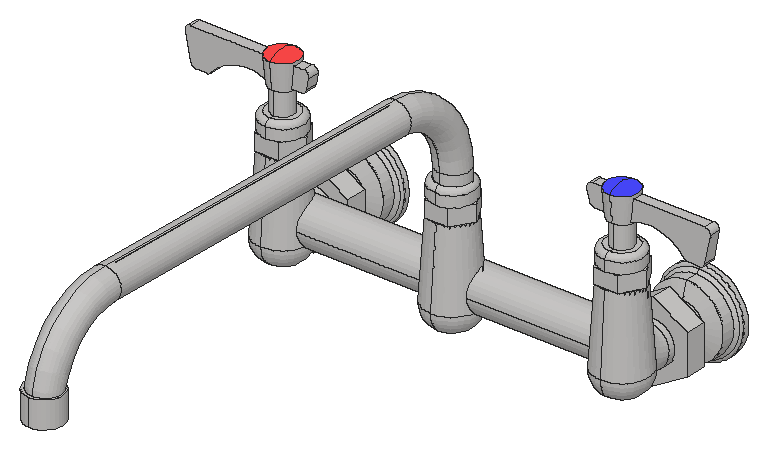
Revit family "Krowne_14-812L_WallMount_Faucet", category Plumbing Fixtures, Revit 2018
Family settings
  Round Connector Dimension = Use Diameter
  Part Type = Normal
  OmniClass Number = 23.40.40.00
  OmniClass Title = Food Service Equipment and Furnishings
  Work Plane-Based = No
  Always vertical = Yes
  Cut with Voids When Loaded = No
  Shared = No
  Room Calculation Point = No
Parameters (values of type "DefaultType")
  Width = 12"
  Weight in Pounds = 5
  Watermarked By = ""
  Waste Water Discharge Temperature [instance] = -459.67 °F
  URL Cutsheet = ""
  URL = "https://krowne.com/"
  Status [instance] = ""
  Specification by User [instance] = ""
  Specification by Manufacturer [instance] = ""
  Serial Number [instance] = ""
  Revision Code [instance] = ""
  Plumbing Remarks [instance] = ""
  Plumbing Connection Type = ""
  NAFEM Spec ID Number [instance] = ""
  Model = "14-812L"
  Masterspec [instance] = ""
  Manufacturer = "Krowne Metal"
  KCLRef = "KCL2C9,,0004c57a-0000-0000-0000-000000000307,KR,14-812L ,637099801720000000,3782d996-e2ee-467e-8eb6-7a0df4f0d649,1fae164c-4e76-4ff9-8db5-77f99c7e0328"
  KCL SpecSheet URL = "http://kclweb.kclcad.com/imagehandler.ashx?kdoc=14-8xx&R=KR&M=14-812L%20&VC=7&TID=KCLWeb&T=doc"
  Item Number [instance] = "-"
  Installed By [instance] = ""
  Hot Water Temperature = 100 °F
  Hot Water Size = 1/2"
  Hot Water RI Height [instance] = 0"
  Hot Water Minimum Pressure = 0.00 psi
  Hot Water Maximum Pressure = 0.00 psi
  Hot Water Flow = 1.8 GPM
  Hot Water Consumption = 0 GPM
  Hot Water Connection Height = 0"
  Height = 3 15/16"
  Furnished By [instance] = ""
  Foodservice Equipment Identifier = yes
  Description = "Wall Mount Faucet"
  Depth = 1 7/8"
  Cold Water Temperature Recommended = -459.67 °F
  Cold Water Size = 1/2"
  Cold Water RI Height [instance] = 0"
  Cold Water Minimum Pressure = 0.00 psi
  Cold Water Maximum Pressure = 0.00 psi
  Cold Water Flow = 1.8 GPM
  Cold Water Consumption = ""
  Cold Water Connection Height = 0"
  CSI MasterFormat = ""
  Assembly Code = "E1090300"
Reference planes
  plane 1 "BACK": y = 0
  plane 2: z = 0
  plane 3 "LEFT": x = -471.569
  plane 4 "RIGHT": x = -166.769
  plane 5 "TOP": z = 100.013
  plane 6 "CENTER L/R": x = -319.169
  plane 7 "Top of Body": z = 44.45
  plane 8: y = -62.38
  plane 9: z = 166.688
  plane 10: z = 104.775
  plane 11: y = -368.3
Forms (mm)
  Sweep 1, solid, material "QF_Stainless-Polished"
    path origin (-319.169, 0, 0) x (0, 1, 0) y (0, 0, 1)
      loop
        line (-62.38, 44.45) -> (-62.38, 106.053)
        arc (-62.38, 106.053) -> (-74.942, 137.021) -> (-105.53, 150.484) r 44.45
        line (-105.53, 150.484) -> (-322.55, 156.834)
        arc (-322.55, 156.834) -> (-354.818, 144.291) -> (-368.3, 112.403) r 44.45
        line (-368.3, 112.403) -> (-368.3, 104.775)
    profile origin (-319.169, -62.38, 75.252) x (0, -1, 0) y (1, 0, 0)
      loop
        circle (0, 0) r 9.525
      loop
        circle (0, 0) r 6.35
  Extrusion 2, solid, material "QF_Stainless-Polished"
    sketch origin (-319.169, -368.3, 104.775) x (0, -1, 0) y (-1, 0, 0)
      loop
        circle (0, 0) r 9.525
      loop
        circle (0, 0) r 11.113
    from 0 to -15.875
Lines and regions (mm)
  symbolic lines
    curve 1: arc (-319.169, -71.905, 0) -> (-328.694, -62.38, 0) -> (-319.169, -52.855, 0) r 9.525
    curve 2: arc (-319.169, -52.855, 0) -> (-309.644, -62.38, 0) -> (-319.169, -71.905, 0) r 9.525
    curve 3: arc (-328.694, -368.3, 0) -> (-325.905, -375.035, 0) -> (-319.169, -377.825, 0) r 9.525
    curve 4: arc (-319.169, -377.825, 0) -> (-312.434, -375.035, 0) -> (-309.644, -368.3, 0) r 9.525
    curve 5: line (-328.694, -368.3, 0) -> (-328.694, -62.38, 0)
    curve 6: line (-309.644, -62.38, 0) -> (-309.644, -368.3, 0)
Dimensions and locks
  "Width": plane 3 "LEFT" to plane 4 "RIGHT"
  "Height": plane 5 "TOP" to plane 2
  plane 7 "Top of Body" to level = 1 3/4"
  equal spacing: plane 3 "LEFT", plane 6 "CENTER L/R", plane 4 "RIGHT"
  plane 11 to plane 1 "BACK" = 14 1/2"
  plane 10 to plane 5 "TOP" = 3/16"
  plane 9 to plane 5 "TOP" = 2 5/8"
  aligned and locked: level to plane 2
  aligned and locked: plane 8 to Sweep 1 sketch curve
  aligned and locked: Sweep 1 sketch curve to plane 11
  aligned and locked: plane 10 to Sweep 1 sketch curve
Automatic sketch dimensions
  curve 3 to curve 4 = 0"
  plane 11 to curve 5 = 0"
  plane 8 to curve 5 = 0"
  curve 1 to plane 6 "CENTER L/R" = 0"
  plane 8 to curve 6 = 0"
  plane 8 to curve 1 = 0"
  curve 5 to curve 3 = 3/8"
  Sweep 1 sketch curve to Sweep 1 sketch curve = 0"  (x2)
  Sweep 1 sketch curve to plane 6 "CENTER L/R" = 0"
  Sweep 1 sketch curve to profile plane = 0"
  Sweep 1 sketch curve to plane 7 "Top of Body" = 0"
  plane 10 to Sweep 1 sketch curve = 0.30033"
  Sweep 1 sketch curve to plane 9 = 0.38792"
  Sweep 1 sketch curve to Sweep 1 sketch curve = 0.05118"
  plane 10 to Sweep 1 sketch curve = 0.05033"
  Sweep 1 sketch curve to Sweep 1 sketch curve = 1 3/4"
  Sweep 1 sketch curve to plane 9 = 0.63792"
  radius of Extrusion 2 sketch curve to Sweep 1 = 0"
  radius of Sweep 1 to Extrusion 2 sketch curve = 1/16"
  radius of Sweep 1 sketch curve = 3/8"
  radius of Sweep 1 sketch curve = 1/4"
Nested families
  nested 1: "QF_Krowne_14-8_Body" at (-4.763, 0, 0), type "QF_Krowne_14-8_Body"
Connectors
  piping at (-420.769, 6.35, 37.306), diameter 12.7, driven by "Hot Water Flow", driven by "Hot Water Size"
    settings: on nested 1, index 1, connector inside diameter 24", connector length 0", flow factor 0, pipe flow 1.8 GPM, pressure drop 0.00 psi, fitting loss kfactor 0, connector angle 0.00°, fixture units 0, engagement length 0", angle of deflection 0.00°, flow configuration 1, flow direction 1, fitting loss method 0, system type 19, joint type 0, gender type 0, connector reference index -1, connector utility 0, adjustable connector no, is connector primary yes, connector description "HOT WATER"
  piping at (-217.569, 6.35, 37.306), diameter 12.7, driven by "Cold Water Flow", driven by "Cold Water Size"
    settings: on nested 1, index 2, connector inside diameter 24", connector length 0", flow factor 0, pipe flow 1.8 GPM, pressure drop 0.00 psi, fitting loss kfactor 0, connector angle 0.00°, fixture units 0, engagement length 0", angle of deflection 0.00°, flow configuration 1, flow direction 1, fitting loss method 0, system type 20, joint type 0, gender type 0, connector reference index -1, connector utility 0, adjustable connector no, is connector primary no, connector description "COLD WATER"
Definition of nested family "QF_Krowne_14-8_Body"
  Parameters (values of type "QF_Krowne_14-8_Body")
    Width = 12 3/8"
    Watermarked By = ""
    Height = 3 7/8"
    Description = ""
    Depth = 4 15/16"
  Reference planes
    plane 1 "BACK": y = 0
    plane 2: z = 0
    plane 3 "LEFT": x = -471.569
    plane 4 "RIGHT": x = -157.244
    plane 5 "TOP": z = 128.588
    plane 6 "Center": x = -314.407
    plane 7 "Left of Handle": x = -416.007
    plane 8 "Right of Handle": x = -212.807
    plane 9 "Center of Handles": y = -125.412
    plane 10 "Top of Body": z = 74.612
    plane 11: x = -444.582
    plane 12: x = -184.232
    plane 13 "Faucet Handle Center": y = -62.706
    plane 14: y = -59.531
    plane 15: y = -65.881
    plane 16: z = 37.306
  Forms (mm)
    Extrusion 1, solid
      sketch origin (0, 0, 80.962) x (0, 1, 0) y (-1, 0, 0)
        loop
          line (-62.38, 401.719) -> (-50.006, 408.863) -> (-50.006, 423.151) -> (-62.38, 430.294) -> (-74.753, 423.151) -> (-74.753, 408.863) -> (-62.38, 401.719)
        loop
          line (-62.38, 198.519) -> (-50.006, 205.663) -> (-50.006, 219.951) -> (-62.38, 227.094) -> (-74.753, 219.951) -> (-74.753, 205.663) -> (-62.38, 198.519)
        loop
          line (-62.38, 300.119) -> (-50.006, 307.263) -> (-50.006, 321.551) -> (-62.38, 328.694) -> (-74.753, 321.551) -> (-74.753, 307.263) -> (-62.38, 300.119)
      from 0 to 9.525
    Revolve 2, solid
      sketch origin (-416.007, 0, 0) x (0, 1, 0) y (0, 0, 1)
        loop
          line (-62.706, 90.488) -> (-50.006, 90.488) -> (-50.006, 96.838)
          arc (-50.006, 96.838) -> (-50.936, 99.083) -> (-53.181, 100.013) r 3.175
          line (-53.181, 100.013) -> (-62.706, 100.013) -> (-62.706, 90.488)
        axis (-62.706, 90.488) -> (-62.706, 100.013)
      angle from 0 to 360
    Revolve 3, solid
      sketch origin (-212.807, 0, 0) x (0, 1, 0) y (0, 0, 1)
        loop
          line (-62.706, 100.012) -> (-56.356, 100.012) -> (-56.356, 114.3) -> (-62.706, 114.3) -> (-62.706, 100.012)
        axis (-62.706, 100.012) -> (-62.706, 114.3)
      angle from 0 to 360
    Revolve 4, solid
      sketch origin (-416.007, 0, 0) x (0, 1, 0) y (0, 0, 1)
        loop
          line (-62.706, 100.013) -> (-56.356, 100.013) -> (-56.356, 114.3) -> (-62.706, 114.3) -> (-62.706, 100.013)
        axis (-62.706, 100.013) -> (-62.706, 114.3)
      angle from 0 to 360
    Revolve 5, solid
      sketch origin (-416.007, 0, 0) x (0, 1, 0) y (0, 0, 1)
        loop
          line (-62.706, 114.3) -> (-54.769, 114.3) -> (-53.181, 130.175) -> (-62.706, 130.175) -> (-62.706, 114.3)
        axis (-62.706, 114.3) -> (-62.706, 130.175)
      angle from 0 to 360
    Revolve 6, solid
      sketch origin (-212.807, 0, 0) x (0, 1, 0) y (0, 0, 1)
        loop
          line (-62.706, 114.3) -> (-54.769, 114.3) -> (-53.181, 130.175) -> (-62.706, 130.175) -> (-62.706, 114.3)
        axis (-62.706, 114.3) -> (-62.706, 130.175)
      angle from 0 to 360
    Revolve 7, solid
      sketch origin (-416.007, 0, 0) x (0, 1, 0) y (0, 0, 1)
        loop
          line (-62.706, 130.175) -> (-53.181, 130.175)
          arc (-53.181, 130.175) -> (-57.646, 132.655) -> (-62.706, 133.35) r 13.869
          line (-62.706, 133.35) -> (-62.706, 130.175)
        axis (-62.706, 130.175) -> (-62.706, 133.35)
      angle from 0 to 360
    Revolve 8, solid
      sketch origin (-212.807, 0, 0) x (0, 1, 0) y (0, 0, 1)
        loop
          line (-62.706, 130.175) -> (-53.181, 130.175)
          arc (-53.181, 130.175) -> (-57.646, 132.655) -> (-62.706, 133.35) r 13.869
          line (-62.706, 133.35) -> (-62.706, 130.175)
        axis (-62.706, 130.175) -> (-62.706, 133.35)
      angle from 0 to 360
    Extrusion 9, solid
      sketch origin (0, -62.706, 0) x (1, 0, 0) y (0, 0, 1)
        loop
          arc (-468.332, 128.588) -> (-470.787, 127.425) -> (-471.445, 124.79) r 3.175
          line (-471.445, 124.79) -> (-468.27, 108.916)
          arc (-468.27, 108.916) -> (-467.17, 107.083) -> (-465.157, 106.364) r 3.175
          line (-465.157, 106.364) -> (-458.81, 106.364)
          arc (-458.81, 106.364) -> (-457.469, 106.66) -> (-456.379, 107.496) r 3.175
          arc (-456.379, 107.496) -> (-441.832, 116.771) -> (-424.594, 116.065) r 28.792
          arc (-424.594, 116.065) -> (-424.065, 115.925) -> (-423.52, 115.878) r 3.175
          line (-423.52, 115.878) -> (-402.102, 115.878)
          arc (-402.102, 115.878) -> (-400.089, 116.597) -> (-398.988, 118.43) r 3.175
          line (-398.988, 118.43) -> (-397.716, 124.79)
          arc (-397.716, 124.79) -> (-398.374, 127.425) -> (-400.83, 128.588) r 3.175
          line (-400.83, 128.588) -> (-468.332, 128.588)
        loop
          line (-160.482, 128.588) -> (-227.984, 128.588)
          arc (-227.984, 128.588) -> (-230.439, 127.425) -> (-231.097, 124.79) r 3.175
          line (-231.097, 124.79) -> (-229.826, 118.43)
          arc (-229.826, 118.43) -> (-228.725, 116.597) -> (-226.712, 115.878) r 3.175
          line (-226.712, 115.878) -> (-205.294, 115.878)
          arc (-205.294, 115.878) -> (-204.749, 115.925) -> (-204.22, 116.065) r 3.175
          arc (-204.22, 116.065) -> (-186.982, 116.771) -> (-172.435, 107.496) r 28.792
          arc (-172.435, 107.496) -> (-171.345, 106.66) -> (-170.004, 106.364) r 3.175
          line (-170.004, 106.364) -> (-163.657, 106.364)
          arc (-163.657, 106.364) -> (-161.644, 107.083) -> (-160.544, 108.916) r 3.175
          line (-160.544, 108.916) -> (-157.369, 124.79)
          arc (-157.369, 124.79) -> (-158.027, 127.425) -> (-160.482, 128.588) r 3.175
      from -3.175 to 3.175
    Extrusion 10, solid
      sketch origin (0, 0, 0) x (1, 0, 0) y (0, 0, 1)
        loop
          circle (-416.007, 37.306) r 6.35
        loop
          circle (-212.807, 37.306) r 6.35
      from 0 to -6.35
    Revolve 11, solid
      sketch origin (-212.807, 0, 0) x (0, 1, 0) y (0, 0, 1)
        loop
          line (-62.706, 90.488) -> (-50.006, 90.488) -> (-50.006, 96.838)
          arc (-50.006, 96.838) -> (-50.936, 99.083) -> (-53.181, 100.013) r 3.175
          line (-53.181, 100.013) -> (-62.706, 100.013) -> (-62.706, 90.488)
        axis (-62.706, 90.488) -> (-62.706, 100.013)
      angle from 0 to 360
    Revolve 12, solid
      sketch origin (-416.007, 0, 0) x (0, 1, 0) y (0, 0, 1)
        loop
          line (0, 37.306) -> (0, 62.706) -> (-3.175, 62.706)
          arc (-3.175, 62.706) -> (-4.298, 62.241) -> (-4.762, 61.119) r 1.588
          line (-4.762, 61.119) -> (-6.75, 59.131) -> (-14.287, 59.131) -> (-17.462, 50.006) -> (-26.987, 50.006) -> (-26.988, 37.306) -> (0, 37.306)
        axis (0, 37.306) -> (-26.988, 37.306)
      angle from 0 to 360
    Revolve 13, solid
      sketch origin (-212.807, 0, 0) x (0, 1, 0) y (0, 0, 1)
        loop
          line (0, 37.306) -> (0, 62.706) -> (-3.175, 62.706)
          arc (-3.175, 62.706) -> (-4.298, 62.241) -> (-4.762, 61.119) r 1.588
          line (-4.762, 61.119) -> (-6.75, 59.131) -> (-14.287, 59.131) -> (-17.462, 50.006) -> (-26.987, 50.006) -> (-26.988, 37.306) -> (0, 37.306)
        axis (0, 37.306) -> (-26.988, 37.306)
      angle from 0 to 360
    Extrusion 14, solid
      sketch origin (-416.007, -26.988, 37.306) x (0, 0, 1) y (-1, 0, 0)
        loop
          line (11.915, -20.638) -> (23.83, 0) -> (11.915, 20.637) -> (-11.915, 20.637) -> (-23.83, 0) -> (-11.915, -20.637) -> (11.915, -20.638)
        loop
          line (11.915, -223.837) -> (23.83, -203.2) -> (11.915, -182.562) -> (-11.915, -182.562) -> (-23.83, -203.2) -> (-11.915, -223.837) -> (11.915, -223.837)
      from 0 to 12.7
    Sweep 15, solid
      path origin (-416.007, 0, 0) x (0, 1, 0) y (0, 0, 1)
        loop
          line (-26.988, 37.306) -> (-43.656, 37.306)
          arc (-43.656, 37.306) -> (-57.127, 42.886) -> (-62.706, 56.356) r 19.05
          line (-62.706, 56.356) -> (-62.706, 80.962)
      profile origin (-416.007, -35.322, 37.306) x (0, 0, -1) y (1, 0, 0)
        loop
          circle (0, 0) r 12.7
    Sweep 16, solid
      path origin (-212.807, 0, 0) x (0, 1, 0) y (0, 0, 1)
        loop
          line (-26.988, 37.306) -> (-43.656, 37.306)
          arc (-43.656, 37.306) -> (-57.127, 42.886) -> (-62.706, 56.356) r 19.05
          line (-62.706, 56.356) -> (-62.706, 80.962)
      profile origin (-212.807, -35.322, 37.306) x (0, 0, -1) y (1, 0, 0)
        loop
          circle (0, 0) r 12.7
    Extrusion 17, solid
      sketch origin (-416.007, 0, 0) x (0, 1, 0) y (0, 0, 1)
        loop
          circle (-57.127, 42.886) r 12.7
      from 0 to 203.2
    Sweep 18, solid
      path origin (-314.407, 0, 0) x (0, 1, 0) y (0, 0, 1)
        loop
          arc (-56.044, 41.884) -> (-60.961, 48.39) -> (-62.706, 56.356) r 19.05
          line (-62.706, 56.356) -> (-62.706, 80.962)
      profile origin (-314.407, -62.706, 68.659) x (0, -1, 0) y (1, 0, 0)
        loop
          circle (0, 0) r 12.7
    Revolve 19, solid
      sketch origin (-314.407, 0, 0) x (0, 1, 0) y (0, 0, 1)
        loop
          line (-62.706, 90.488) -> (-50.006, 90.488) -> (-50.006, 96.838)
          arc (-50.006, 96.838) -> (-50.936, 99.083) -> (-53.181, 100.013) r 3.175
          line (-53.181, 100.013) -> (-62.706, 100.013) -> (-62.706, 90.488)
        axis (-62.706, 90.488) -> (-62.706, 100.013)
      angle from 0 to 360
    Revolve 20, solid
      sketch origin (-416.007, 0, 0) x (0, 1, 0) y (0, 0, 1)
        loop
          line (-50.006, 80.962) -> (-62.706, 80.962) -> (-62.706, 20.044) -> (-59.365, 20.044)
          arc (-59.365, 20.044) -> (-50.077, 24.083) -> (-46.696, 33.63) r 12.7
          line (-46.696, 33.63) -> (-50.006, 80.962)
        axis (-62.706, 20.044) -> (-62.706, 80.962)
      angle from 0 to 360
    Revolve 21, solid
      sketch origin (-212.807, 0, 0) x (0, 1, 0) y (0, 0, 1)
        loop
          line (-50.006, 80.962) -> (-62.706, 80.962) -> (-62.706, 20.044) -> (-59.365, 20.044)
          arc (-59.365, 20.044) -> (-50.077, 24.083) -> (-46.696, 33.63) r 12.7
          line (-46.696, 33.63) -> (-50.006, 80.962)
        axis (-62.706, 20.044) -> (-62.706, 80.962)
      angle from 0 to 360
    Revolve 22, solid
      sketch origin (-314.407, 0, 0) x (0, 1, 0) y (0, 0, 1)
        loop
          line (-50.006, 80.962) -> (-62.706, 80.962) -> (-62.706, 20.044) -> (-59.365, 20.044)
          arc (-59.365, 20.044) -> (-50.077, 24.083) -> (-46.696, 33.63) r 12.7
          line (-46.696, 33.63) -> (-50.006, 80.962)
        axis (-62.706, 20.044) -> (-62.706, 80.962)
      angle from 0 to 360
  Lines and regions (mm)
    symbolic lines
      curve 1: line (-471.445, -59.531, 74.612) -> (-397.655, -59.531, 74.612)
      curve 2: line (-471.445, -65.881, 74.612) -> (-471.445, -59.531, 74.612)
      curve 3: line (-397.655, -65.881, 74.612) -> (-471.445, -65.881, 74.612)
      curve 4: line (-397.655, -59.531, 74.612) -> (-397.655, -65.881, 74.612)
      curve 5: line (-157.244, -59.531, 74.612) -> (-231.159, -59.531, 74.612)
      curve 6: line (-157.244, -65.881, 74.612) -> (-157.244, -59.531, 74.612)
      curve 7: line (-231.159, -65.881, 74.612) -> (-157.244, -65.881, 74.612)
      curve 8: line (-231.159, -59.531, 74.612) -> (-231.159, -65.881, 74.612)
      curve 9: line (-423.151, -50.333, 74.612) -> (-428.461, -59.531, 74.612)
      curve 10: line (-423.151, -50.333, 74.612) -> (-408.863, -50.333, 74.612)
      curve 11: line (-408.863, -50.333, 74.612) -> (-403.553, -59.531, 74.612)
      curve 12: line (-408.863, -75.08, 74.612) -> (-423.151, -75.08, 74.612)
      curve 13: line (-423.151, -75.08, 74.612) -> (-428.461, -65.881, 74.612)
      curve 14: line (-408.863, -75.08, 74.612) -> (-403.553, -65.881, 74.612)
      curve 15: line (-219.951, -50.333, 74.612) -> (-205.663, -50.333, 74.612)
      curve 16: line (-205.663, -50.333, 74.612) -> (-200.353, -59.531, 74.612)
      curve 17: line (-219.951, -50.333, 74.612) -> (-225.261, -59.531, 74.612)
      curve 18: line (-205.663, -75.08, 74.612) -> (-219.951, -75.08, 74.612)
      curve 19: line (-219.951, -75.08, 74.612) -> (-225.261, -65.881, 74.612)
      curve 20: line (-205.663, -75.08, 74.612) -> (-200.353, -65.881, 74.612)
      curve 21: line (-328.694, -62.38, 74.612) -> (-321.551, -74.753, 74.612)
      curve 22: line (-321.551, -74.753, 74.612) -> (-307.263, -74.753, 74.612)
      curve 23: line (-307.263, -74.753, 74.612) -> (-300.119, -62.38, 74.612)
      curve 24: line (-300.119, -62.38, 74.612) -> (-307.263, -50.006, 74.612)
      curve 25: line (-307.263, -50.006, 74.612) -> (-321.551, -50.006, 74.612)
      curve 26: line (-321.551, -50.006, 74.612) -> (-328.694, -62.38, 74.612)
      curve 27: line (-441.407, 0, 74.612) -> (-390.607, 0, 74.612)
      curve 28: line (-441.407, 0, 74.612) -> (-441.407, -3.175, 74.612)
      curve 29: line (-437.831, -6.75, 74.612) -> (-439.819, -4.763, 74.612)
      curve 30: arc (-439.819, -4.763, 74.612) -> (-440.942, -4.298, 74.612) -> (-441.407, -3.175, 74.612) r 1.588
      curve 31: line (-437.831, -6.75, 74.612) -> (-437.831, -14.288, 74.612)
      curve 32: line (-437.831, -14.288, 74.612) -> (-428.707, -17.463, 74.612)
      curve 33: line (-428.707, -17.463, 74.612) -> (-428.707, -26.987, 74.612)
      curve 34: line (-428.707, -26.987, 74.612) -> (-436.644, -26.987, 74.612)
      curve 35: line (-436.644, -26.987, 74.612) -> (-436.644, -39.688, 74.612)
      curve 36: line (-436.644, -39.688, 74.612) -> (-428.719, -39.687, 74.612)
      curve 37: line (-428.719, -39.687, 74.612) -> (-428.719, -59.531, 74.612)
      curve 38: line (-390.607, 0, 74.612) -> (-390.607, -3.175, 74.612)
      curve 39: line (-394.182, -6.75, 74.612) -> (-392.194, -4.763, 74.612)
      curve 40: arc (-392.194, -4.763, 74.612) -> (-391.072, -4.298, 74.612) -> (-390.607, -3.175, 74.612) r 1.588
      curve 41: line (-394.182, -6.75, 74.612) -> (-394.182, -14.288, 74.612)
      curve 42: line (-394.182, -14.288, 74.612) -> (-403.307, -17.463, 74.612)
      curve 43: line (-403.307, -17.463, 74.612) -> (-403.307, -26.987, 74.612)
      curve 44: line (-403.307, -26.987, 74.612) -> (-395.369, -26.987, 74.612)
      curve 45: line (-395.369, -26.987, 74.612) -> (-395.369, -39.688, 74.612)
      curve 46: line (-395.369, -39.688, 74.612) -> (-403.295, -39.687, 74.612)
      curve 47: line (-403.295, -39.687, 74.612) -> (-403.295, -59.531, 74.612)
      curve 48: line (-205.663, -50.333, 74.612) -> (-219.951, -50.333, 74.612)
      curve 49: line (-187.407, 0, 74.612) -> (-238.207, 0, 74.612)
      curve 50: line (-187.407, 0, 74.612) -> (-187.407, -3.175, 74.612)
      curve 51: line (-190.982, -6.75, 74.612) -> (-188.994, -4.763, 74.612)
      curve 52: arc (-188.994, -4.763, 74.612) -> (-187.872, -4.298, 74.612) -> (-187.407, -3.175, 74.612) r 1.588
      curve 53: line (-190.982, -6.75, 74.612) -> (-190.982, -14.288, 74.612)
      curve 54: line (-190.982, -14.288, 74.612) -> (-200.107, -17.463, 74.612)
      curve 55: line (-200.107, -17.463, 74.612) -> (-200.107, -26.987, 74.612)
      curve 56: line (-200.107, -26.987, 74.612) -> (-192.169, -26.987, 74.612)
      curve 57: line (-192.169, -26.987, 74.612) -> (-192.169, -39.688, 74.612)
      curve 58: line (-192.169, -39.688, 74.612) -> (-200.095, -39.687, 74.612)
      curve 59: line (-200.095, -39.687, 74.612) -> (-200.095, -59.531, 74.612)
      curve 60: line (-238.207, 0, 74.612) -> (-238.207, -3.175, 74.612)
      curve 61: line (-234.631, -6.75, 74.612) -> (-236.619, -4.763, 74.612)
      curve 62: arc (-236.619, -4.763, 74.612) -> (-237.742, -4.298, 74.612) -> (-238.207, -3.175, 74.612) r 1.588
      curve 63: line (-234.631, -6.75, 74.612) -> (-234.631, -14.288, 74.612)
      curve 64: line (-234.631, -14.288, 74.612) -> (-225.507, -17.463, 74.612)
      curve 65: line (-225.507, -17.463, 74.612) -> (-225.507, -26.987, 74.612)
      curve 66: line (-225.507, -26.987, 74.612) -> (-233.444, -26.987, 74.612)
      curve 67: line (-233.444, -26.987, 74.612) -> (-233.444, -39.688, 74.612)
      curve 68: line (-233.444, -39.688, 74.612) -> (-225.519, -39.687, 74.612)
      curve 69: line (-225.519, -39.687, 74.612) -> (-225.519, -59.531, 74.612)
      curve 70: line (-403.295, -44.504, 74.612) -> (-225.519, -44.504, 74.612)
      curve 71: line (-405.528, -69.303, 74.612) -> (-324.697, -69.303, 74.612)
      curve 72: line (-303.555, -69.303, 74.612) -> (-223.286, -69.303, 74.612)
  Dimensions and locks
    "Width": plane 3 "LEFT" to plane 4 "RIGHT"
    equal spacing: plane 3 "LEFT", plane 6 "Center", plane 4 "RIGHT"
    "Depth": plane 9 "Center of Handles" to plane 1 "BACK"
    plane 10 "Top of Body" to level = 2 15/16"
    equal spacing: plane 10 "Top of Body", plane 16, level
    locked: plane 3 "LEFT" to plane 11 at 26.988
    locked: plane 12 to plane 4 "RIGHT" at 26.988
    locked: plane 8 "Right of Handle" to plane 12 at 28.575
    locked: plane 11 to plane 7 "Left of Handle" at 28.575
    locked: plane 5 "TOP" to plane 10 "Top of Body" at 53.975
    equal spacing: plane 15, plane 13 "Faucet Handle Center", plane 14, locked at 3.175 each
    plane 15 to plane 14 = 1/4"
    equal spacing: plane 9 "Center of Handles", plane 13 "Faucet Handle Center", plane 1 "BACK"
    aligned and locked: level to plane 2
    aligned and locked: Revolve 5 sketch curve to Revolve 5 sketch curve
    aligned and locked: Revolve 6 sketch curve to Revolve 6 sketch curve
    aligned and locked: Extrusion 9 sketch curve to plane 5 "TOP"
    aligned and locked: plane 5 "TOP" to Extrusion 9 sketch curve
    aligned and locked: Extrusion 9 to plane 14
    aligned and locked: curve 1 to Extrusion 9
    aligned and locked: curve 2 to Extrusion 9
    aligned and locked: curve 3 to Extrusion 9
    aligned and locked: curve 5 to Extrusion 9
    aligned and locked: Extrusion 9 to curve 7
    aligned and locked: plane 4 "RIGHT" to curve 6
    aligned and locked: Revolve 11 sketch curve to plane 13 "Faucet Handle Center"
    aligned and locked: plane 8 "Right of Handle" to Extrusion 17
    aligned and locked: plane 13 "Faucet Handle Center" to Revolve 20 sketch curve
  Automatic sketch dimensions
    Revolve 2 sketch curve to plane 13 "Faucet Handle Center" = 0"  (x2)
    Revolve 2 sketch curve to Revolve 2 sketch curve = 3/8"
    Revolve 2 sketch curve to Revolve 2 sketch curve = 1/8"
    plane 10 "Top of Body" to Revolve 2 sketch curve = 5/8"
    Revolve 2 sketch curve to Revolve 2 sketch curve = 1/4"
    Revolve 2 sketch curve to Revolve 2 sketch curve = 0"  (x2)
    Revolve 3 sketch curve to plane 13 "Faucet Handle Center" = 0"  (x2)
    Revolve 3 sketch curve to plane 13 "Faucet Handle Center" = 1/4"
    plane 10 "Top of Body" to Revolve 3 sketch curve = 1"
    Revolve 3 sketch curve to Revolve 3 sketch curve = 9/16"
    Revolve 3 sketch curve to Revolve 3 sketch curve = 3/8"
    Revolve 3 sketch curve to Revolve 3 sketch curve = 0"
    Revolve 4 sketch curve to plane 13 "Faucet Handle Center" = 0"  (x2)
    Revolve 4 sketch curve to Revolve 4 sketch curve = 1/4"
    plane 10 "Top of Body" to Revolve 4 sketch curve = 1"
    Revolve 4 sketch curve to Revolve 4 sketch curve = 9/16"
    Revolve 4 sketch curve to Revolve 4 sketch curve = 3/8"
    Revolve 4 sketch curve to Revolve 4 sketch curve = 0"
    Revolve 5 sketch curve to plane 13 "Faucet Handle Center" = 0"
    Revolve 5 sketch curve to Revolve 5 sketch curve = 5/16"
    plane 5 "TOP" to Revolve 5 sketch curve = 1/16"
    Revolve 5 sketch curve to Revolve 5 sketch curve = 3/8"
    Revolve 5 sketch curve to plane 5 "TOP" = 9/16"
    Revolve 5 sketch curve to Revolve 5 sketch curve = 0"  (x2)
    Revolve 6 sketch curve to plane 13 "Faucet Handle Center" = 0"
    Revolve 6 sketch curve to plane 13 "Faucet Handle Center" = 5/16"
    plane 5 "TOP" to Revolve 6 sketch curve = 1/16"
    Revolve 6 sketch curve to plane 13 "Faucet Handle Center" = 3/8"
    Revolve 6 sketch curve to plane 5 "TOP" = 9/16"
    Revolve 6 sketch curve to Revolve 6 sketch curve = 0"  (x2)
    Revolve 7 sketch curve to plane 13 "Faucet Handle Center" = 0"  (x2)
    Revolve 7 sketch curve to plane 13 "Faucet Handle Center" = 0.02655"
    plane 5 "TOP" to Revolve 7 sketch curve = 1/16"
    Revolve 7 sketch curve to Revolve 7 sketch curve = 3/8"
    Revolve 7 sketch curve to plane 5 "TOP" = 0.35786"
    Revolve 7 sketch curve to Revolve 7 sketch curve = 0"  (x2)
    Revolve 8 sketch curve to plane 13 "Faucet Handle Center" = 0"  (x2)
    Revolve 8 sketch curve to plane 13 "Faucet Handle Center" = 0.02655"
    plane 5 "TOP" to Revolve 8 sketch curve = 1/16"
    Revolve 8 sketch curve to Revolve 8 sketch curve = 3/8"
    Revolve 8 sketch curve to plane 5 "TOP" = 0.35786"
    Revolve 8 sketch curve to Revolve 8 sketch curve = 0"  (x2)
    Revolve 12 sketch curve to plane 9 "Center of Handles" = 0"
    Revolve 12 sketch curve to plane 16 = 0"  (x2)
    Revolve 12 sketch curve to plane 1 "BACK" = 0"  (x2)
    plane 16 to Revolve 12 sketch curve = 1/2"
    plane 1 "BACK" to Revolve 12 sketch curve = 1 1/16"
    Revolve 12 sketch curve to Revolve 12 sketch curve = 3/8"
    Revolve 12 sketch curve to Revolve 12 sketch curve = 1/8"
    plane 1 "BACK" to Revolve 12 sketch curve = 0.26577"
    Revolve 12 sketch curve to Revolve 12 sketch curve = 0.07827"  (x2)
    Revolve 12 sketch curve to Revolve 12 sketch curve = 1/16"
    Revolve 12 sketch curve to Revolve 12 sketch curve = 0.35923"
    Revolve 13 sketch curve to plane 9 "Center of Handles" = 0"
    Revolve 13 sketch curve to plane 16 = 0"  (x2)
    Revolve 13 sketch curve to plane 1 "BACK" = 0"  (x2)
    Revolve 13 sketch curve to Revolve 13 sketch curve = 1 1/16"
    Revolve 13 sketch curve to Revolve 13 sketch curve = 3/8"
    Revolve 13 sketch curve to Revolve 13 sketch curve = 1/8"
    plane 1 "BACK" to Revolve 13 sketch curve = 0.26577"
    Revolve 13 sketch curve to Revolve 13 sketch curve = 0.07827"  (x2)
    Revolve 13 sketch curve to Revolve 13 sketch curve = 1/16"
    plane 16 to Revolve 13 sketch curve = 1/2"
    Revolve 13 sketch curve to Revolve 13 sketch curve = 0.35923"
    Revolve 12 to Extrusion 14 sketch curve = 0"
    Extrusion 14 sketch curve to Revolve 12 = 0"
    Revolve 12 to Extrusion 14 sketch curve = 8"  (x2)
    Extrusion 14 sketch curve to Extrusion 14 sketch curve = 0"
    Extrusion 14 sketch curve to Extrusion 14 sketch curve = 0.4691"  (x6)
    Extrusion 14 sketch curve to Extrusion 14 sketch curve = 0.93819"  (x4)
    Revolve 12 to Extrusion 14 sketch curve = 7 3/16"
    Revolve 12 to Extrusion 14 sketch curve = 8 13/16"
    Revolve 12 to Extrusion 14 sketch curve = 13/16"
    Extrusion 14 sketch curve to Revolve 12 = 13/16"
    plane 15 to Extrusion 1 sketch curve = 0.34928"  (x3)
    Extrusion 1 sketch curve to plane 13 "Faucet Handle Center" = 0.01286"  (x6)
    Extrusion 1 sketch curve to plane 14 = 3/8"  (x3)
    plane 8 "Right of Handle" to Extrusion 1 sketch curve = 9/16"
    plane 8 "Right of Handle" to Extrusion 1 sketch curve = 9/32"  (x2)
    Extrusion 1 sketch curve to plane 8 "Right of Handle" = 9/32"  (x2)
    Extrusion 1 sketch curve to plane 8 "Right of Handle" = 9/16"
    plane 6 "Center" to Extrusion 1 sketch curve = 9/16"
    plane 6 "Center" to Extrusion 1 sketch curve = 9/32"  (x2)
    Extrusion 1 sketch curve to plane 6 "Center" = 9/32"  (x2)
    Extrusion 1 sketch curve to Extrusion 1 sketch curve = 9/32"  (x2)
    plane 7 "Left of Handle" to Extrusion 1 sketch curve = 9/16"
    plane 7 "Left of Handle" to Extrusion 1 sketch curve = 9/32"  (x2)
    Extrusion 1 sketch curve to plane 7 "Left of Handle" = 9/32"  (x2)
    plane 3 "LEFT" to Extrusion 9 sketch curve = 0.0049"
    Extrusion 9 sketch curve to Extrusion 9 sketch curve = 0.12257"  (x5)
    plane 3 "LEFT" to Extrusion 9 sketch curve = 0.12989"
    Extrusion 9 sketch curve to Extrusion 9 sketch curve = 0.24989"  (x2)
    plane 11 to Extrusion 9 sketch curve = 0.40333"
    Extrusion 9 sketch curve to plane 7 "Left of Handle" = 0.29578"
    plane 7 "Left of Handle" to Extrusion 9 sketch curve = 0.54745"
    Extrusion 9 sketch curve to plane 5 "TOP" = 1/8"  (x2)
    Extrusion 9 sketch curve to Extrusion 9 sketch curve = 0.05007"  (x2)
    Extrusion 9 sketch curve to plane 5 "TOP" = 0.39989"
    Extrusion 9 sketch curve to plane 5 "TOP" = 0.14951"  (x4)
    Extrusion 9 sketch curve to plane 8 "Right of Handle" = 0.7201"
    plane 8 "Right of Handle" to Extrusion 9 sketch curve = 0.29578"
    Extrusion 9 sketch curve to plane 12 = 0.40333"
    Extrusion 9 sketch curve to plane 4 "RIGHT" = 0.50235"
    Extrusion 9 sketch curve to plane 4 "RIGHT" = 0.12748"
    Extrusion 9 sketch curve to plane 4 "RIGHT" = 0.0049"
    Extrusion 9 sketch curve to Extrusion 9 sketch curve = 0.25038"
    Extrusion 9 sketch curve to plane 5 "TOP" = 0.50038"
    Extrusion 9 sketch curve to Extrusion 9 sketch curve = 0.10049"
    Extrusion 9 sketch curve to plane 5 "TOP" = 0.74996"  (x2)
    Extrusion 9 sketch curve to Extrusion 9 sketch curve = 0"  (x4)
    Extrusion 9 sketch curve to Extrusion 9 sketch curve = 0.02451"  (x2)
    plane 10 "Top of Body" to Extrusion 9 sketch curve = 0.56533"  (x2)
    Extrusion 9 sketch curve to Extrusion 9 sketch curve = 1/8"  (x2)
    Extrusion 10 sketch curve to plane 7 "Left of Handle" = 0"
    Extrusion 10 sketch curve to plane 8 "Right of Handle" = 0"
    Extrusion 10 sketch curve to plane 16 = 0"  (x2)
    Revolve 11 sketch curve to plane 13 "Faucet Handle Center" = 0"
    Revolve 11 sketch curve to plane 14 = 1/4"
    Revolve 11 sketch curve to Revolve 11 sketch curve = 1/8"
    plane 10 "Top of Body" to Revolve 11 sketch curve = 5/8"
    Revolve 11 sketch curve to Revolve 11 sketch curve = 1/4"
    Revolve 11 sketch curve to Revolve 11 sketch curve = 0"  (x2)
    Sweep 15 sketch curve to plane 13 "Faucet Handle Center" = 0"
    Sweep 15 sketch curve to plane 16 = 0"
    Sweep 15 sketch curve to plane 14 = 5/8"
    Sweep 15 sketch curve to Sweep 15 sketch curve = 21/32"
    plane 10 "Top of Body" to Sweep 15 sketch curve = 1/4"
    Sweep 15 sketch curve to plane 7 "Left of Handle" = 0"
    Sweep 15 sketch curve to profile plane = 0"
    Sweep 16 sketch curve to plane 13 "Faucet Handle Center" = 0"
    Sweep 16 sketch curve to plane 16 = 0"
    Sweep 16 sketch curve to plane 14 = 5/8"
    Sweep 16 sketch curve to Sweep 16 sketch curve = 21/32"
    plane 10 "Top of Body" to Sweep 16 sketch curve = 1/4"
    Sweep 16 sketch curve to plane 8 "Right of Handle" = 0"
    Sweep 16 sketch curve to profile plane = 0"
    Extrusion 17 sketch curve to plane 14 = 0.09467"
    plane 16 to Extrusion 17 sketch curve = 0.21967"
    Sweep 18 sketch curve to plane 13 "Faucet Handle Center" = 0"
    Sweep 18 sketch curve to plane 14 = 5/8"
    Sweep 18 sketch curve to plane 10 "Top of Body" = 23/32"
    Sweep 18 sketch curve to plane 14 = 0.1373"
    plane 10 "Top of Body" to Sweep 18 sketch curve = 1/4"
    Sweep 18 sketch curve to plane 6 "Center" = 0"
    Sweep 18 sketch curve to profile plane = 0"
    Revolve 19 sketch curve to plane 13 "Faucet Handle Center" = 0"  (x2)
    Revolve 19 sketch curve to plane 14 = 1/4"
    Revolve 19 sketch curve to Revolve 19 sketch curve = 1/8"
    plane 10 "Top of Body" to Revolve 19 sketch curve = 5/8"
    Revolve 19 sketch curve to Revolve 19 sketch curve = 1/4"
    Revolve 19 sketch curve to Revolve 19 sketch curve = 0"  (x2)
    plane 1 "BACK" to curve 27 = 0"
    plane 1 "BACK" to curve 49 = 0"
    plane 15 to curve 21 = 0.34928"
    plane 15 to curve 12 = 0.36214"
    curve 23 to plane 13 "Faucet Handle Center" = 0.01286"
    curve 21 to plane 13 "Faucet Handle Center" = 0.01286"
    curve 9 to plane 14 = 0.36214"
    curve 17 to plane 14 = 0.36214"
    curve 25 to plane 14 = 3/8"
    curve 15 to curve 67 = 0.41911"
    curve 10 to curve 47 = 0.41911"
    curve 57 to plane 12 = 5/16"
    curve 15 to curve 57 = 0.41911"
    plane 11 to curve 35 = 5/16"
    curve 9 to curve 35 = 0.41911"
    curve 68 to curve 66 = 1/2"
    curve 57 to curve 57 = 1/2"
    curve 46 to curve 43 = 1/2"
    curve 36 to curve 33 = 1/2"
    curve 65 to curve 65 = 3/8"
    curve 55 to curve 54 = 3/8"
    curve 33 to curve 33 = 3/8"
    curve 43 to curve 42 = 3/8"
    curve 64 to curve 63 = 1/8"
    plane 11 to curve 32 = 0.26577"
    curve 32 to curve 32 = 1/8"
    curve 42 to curve 42 = 1/8"
    curve 54 to curve 53 = 1/8"
    plane 1 "BACK" to curve 63 = 0.26577"
    plane 1 "BACK" to curve 41 = 0.26577"
    plane 1 "BACK" to curve 51 = 0.26577"
    plane 1 "BACK" to curve 31 = 0.26577"
    curve 51 to curve 51 = 0.07827"
    curve 29 to curve 29 = 0.07827"
    curve 61 to curve 61 = 0.07827"  (x2)
    curve 39 to curve 39 = 0.07827"
    curve 62 to curve 62 = 1/16"
    curve 39 to curve 38 = 1/16"
    curve 52 to curve 52 = 1/16"
    curve 29 to curve 30 = 1/16"
    curve 50 to plane 12 = 1/8"
    curve 53 to plane 12 = 0.26577"
    curve 57 to curve 58 = 0.31203"
    curve 53 to curve 55 = 0.35923"
    plane 8 "Right of Handle" to curve 15 = 9/32"
    plane 8 "Right of Handle" to curve 18 = 9/32"
    curve 15 to plane 8 "Right of Handle" = 9/32"
    curve 18 to plane 8 "Right of Handle" = 9/32"
    curve 66 to plane 8 "Right of Handle" = 1/2"
    curve 15 to curve 68 = 0.21922"
    curve 69 to curve 8 = 0.22206"
    curve 65 to curve 66 = 5/16"
    curve 64 to curve 63 = 0.35923"
    plane 6 "Center" to curve 24 = 9/16"
    plane 6 "Center" to curve 23 = 9/32"
    plane 6 "Center" to curve 24 = 9/32"
    curve 26 to plane 6 "Center" = 9/32"
    curve 21 to plane 6 "Center" = 9/32"
    curve 21 to curve 21 = 9/32"
    plane 7 "Left of Handle" to curve 27 = 1"
    curve 40 to curve 39 = 0.07827"
    plane 7 "Left of Handle" to curve 45 = 13/16"
    plane 7 "Left of Handle" to curve 4 = 0.72253"
    curve 45 to curve 47 = 0.31203"
    curve 41 to curve 43 = 0.35923"
    plane 7 "Left of Handle" to curve 10 = 9/32"
    plane 7 "Left of Handle" to curve 12 = 9/32"
    curve 12 to plane 7 "Left of Handle" = 9/32"
    curve 10 to plane 7 "Left of Handle" = 9/32"
    curve 33 to curve 31 = 0.35923"
    curve 36 to curve 35 = 0.31203"
    curve 29 to curve 30 = 0.07827"
    plane 15 to curve 72 = 0.13473"
    plane 15 to curve 71 = 0.13473"
    curve 70 to curve 46 = 0.18961"
    curve 59 to curve 20 = 0.01014"
    curve 59 to curve 16 = 0.01014"
    curve 18 to curve 72 = 0.1313"
    curve 17 to curve 69 = 0.01014"
    curve 72 to curve 19 = 0.07779"
    curve 72 to curve 22 = 0.146"
    curve 3 to curve 14 = 0.2322"
    curve 47 to curve 11 = 0.01014"
    curve 13 to curve 37 = 0.01014"
    curve 9 to curve 37 = 0.01014"
    Revolve 20 sketch curve to plane 13 "Faucet Handle Center" = 0"
    Revolve 20 sketch curve to plane 14 = 0.00653"
    Revolve 20 sketch curve to plane 14 = 3/8"
    Revolve 20 sketch curve to plane 16 = 0.14474"
    Revolve 20 sketch curve to Revolve 20 sketch curve = 0.49878"
    Revolve 20 sketch curve to plane 16 = 0.17962"
    plane 10 "Top of Body" to Revolve 20 sketch curve = 1/4"
    level to Revolve 20 sketch curve = 0.38545"
    Revolve 20 sketch curve to Revolve 20 sketch curve = 0.07103"
    Revolve 21 sketch curve to plane 13 "Faucet Handle Center" = 0"  (x2)
    Revolve 21 sketch curve to plane 14 = 0.00653"
    Revolve 21 sketch curve to plane 14 = 3/8"
    Revolve 21 sketch curve to plane 16 = 0.14474"
    Revolve 21 sketch curve to Revolve 21 sketch curve = 0.49878"
    Revolve 21 sketch curve to plane 16 = 0.17962"
    plane 10 "Top of Body" to Revolve 21 sketch curve = 1/4"
    level to Revolve 21 sketch curve = 0.38545"
    Revolve 21 sketch curve to Revolve 21 sketch curve = 0.07103"
    Revolve 22 sketch curve to plane 13 "Faucet Handle Center" = 0"  (x2)
    Revolve 22 sketch curve to plane 14 = 0.00653"
    Revolve 22 sketch curve to plane 14 = 3/8"
    Revolve 22 sketch curve to plane 16 = 0.14474"
    Revolve 22 sketch curve to Revolve 22 sketch curve = 0.49878"
    Revolve 22 sketch curve to plane 16 = 0.17962"
    plane 10 "Top of Body" to Revolve 22 sketch curve = 1/4"
    level to Revolve 22 sketch curve = 0.38545"
    Revolve 22 sketch curve to Revolve 22 sketch curve = 0.07103"
    radius of Extrusion 10 sketch curve = 1/4"  (x2)
    radius of Sweep 15 sketch curve = 1/2"
    radius of Sweep 16 sketch curve = 1/2"
    radius of Extrusion 17 sketch curve = 1/2"
    radius of Sweep 18 sketch curve = 1/2"
